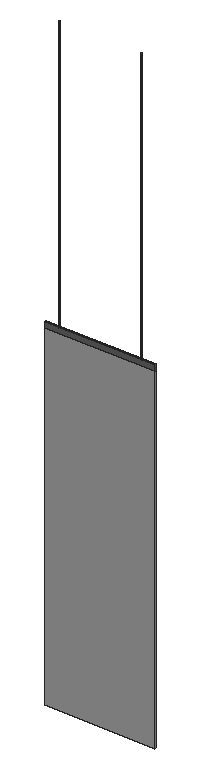
Revit family "Haworth_BuzziFalls_Plain_EU_PRELIMINARY", category Furniture, Revit 2018
Family settings
  OmniClass Number = 23.40.70.14.64.21
  OmniClass Title = Systems Furniture
  Work Plane-Based = No
  Always vertical = Yes
  Cut with Voids When Loaded = No
  Shared = No
  Room Calculation Point = No
Parameters (values of type "Large Screen")
  Warranty = "http://www.haworth.com/resources/product-info/warranties"
  URL - Product = "https://www.haworth.com/eu/en/products/office-partitions/buzzifalls.html"
  URL = "https://www.haworth.com/eu/en.html"
  Small = no
  Size = "Verify Final Dim. w/ Haworth"  # constant formula
  Screen Finish [instance] = Haworth _ Fabric _ Undecided _ Screen
  Revision Number = "1"  # constant formula
  Patterns = " Plain, Alhambra, Birch, Dots, Grid, Leaves, Orient, Palms, Parrots, Pebbles, Rain, Royal, Tropics"  # constant formula
  Model = "BuzziFalls"  # constant formula
  Manufacturer = "Haworth"  # constant formula
  Large = not(Small)  # yes
  Description = "Haworth - BuzziSpace - BuzziFalls - Screen"  # constant formula
  Connector Finish = Haworth _ Paint _ Black BTR-9005
  Cable Length = 200 cm
  Author = "Haworth (Abd Rahman)"  # constant formula
  Assembly Code = "E2020200"
  Actual Width = 80.01 cm  # constant formula
  Actual Height = if(Small, 219.9878 cm, 249.9916 cm)  # 249.9916 cm
  Actual Depth = 1.9844 cm  # constant formula
Types (2, lengths in cm): name | Small | Large | Actual Height
  Small Screen | yes | no | 219.9878
  Large Screen | no | yes | 249.9916
Reference planes (cm)
  plane 1: z = 0
  plane 2 "Back": y = 5.4372
  plane 3 "Front": y = 3.4528
  plane 4 "Top": z = 249.9916
  plane 5 "Right": x = 122.0624
  plane 6 "Left": x = 42.0524
  plane 7: x = 82.0574
  plane 8: y = 4.445
  plane 9: z = 246.0038
  plane 10: z = 449.9916
  plane 11: z = 249.9122
Forms (cm)
  Extrusion 1, solid, material "Haworth _ Fabric _ Undecided _ Screen" <- "Screen Finish"
    sketch origin (0, 0, 0) x (1, 0, 0) y (0, 1, 0)
      loop
        line (42.0524, 5.045) -> (42.0524, 3.845) -> (122.0624, 3.845) -> (122.0624, 5.045) -> (42.0524, 5.045)
    from 0 to 249.9075
  Extrusion 2, solid, material "Haworth _ Paint _ Black BTR-9005" <- "Connector Finish"
    sketch origin (122.0624, 0, 0) x (0, 1, 0) y (0, 0, 1)
      loop
        line (5.145, 245.9929) -> (5.145, 249.9916) -> (3.745, 249.9916) -> (3.745, 246.0038) -> (3.845, 246.0038) -> (3.845, 249.9075) -> (5.045, 249.9075) -> (5.045, 245.9929) -> (5.145, 245.9929)
    from 0 to -80.01
  Extrusion 3, solid, material "Haworth _ Paint _ Black BTR-9005" <- "Connector Finish"
    sketch origin (0, 0, 0) x (1, 0, 0) y (0, 1, 0)
      loop
        circle (52.0521, 4.445) r 0.2
      loop
        circle (112.0524, 4.445) r 0.2
    from 249.9075 to 449.9916
Lines and regions (cm)
  Masking region 1
    outline origin (0, 0, 0) x (1, 0, 0) y (0, 1, 0)
      loop
        line (42.0524, 5.045) -> (42.0524, 3.845) -> (122.0624, 3.845) -> (122.0624, 5.045) -> (42.0524, 5.045)
Dimensions and locks (cm)
  "Actual Width": plane 6 "Left" to plane 5 "Right"
  "Actual Depth": plane 3 "Front" to plane 2 "Back"
  equal spacing: plane 6 "Left", plane 7, plane 5 "Right"
  equal spacing: plane 2 "Back", plane 8, plane 3 "Front"
  "Actual Height": plane 4 "Top" to plane 1
  "Cable Length": plane 10 to plane 4 "Top"
  Extrusion 2 to plane 4 "Top" = 0 cm
  locked: plane 4 "Top" to plane 11 at 0.0794
  aligned and locked: plane 6 "Left" to Extrusion 2
  aligned and locked: plane 5 "Right" to Extrusion 2
  aligned and locked: plane 10 to Extrusion 3
  aligned and locked: Extrusion 1 to plane 1
  aligned and locked: plane 5 "Right" to Extrusion 1
  aligned and locked: plane 6 "Left" to Extrusion 1
  aligned and locked: Extrusion 2 to plane 6 "Left"
  aligned and locked: Extrusion 2 to plane 9
  aligned and locked: Extrusion 2 to plane 5 "Right"
  aligned and locked: Extrusion 1 to Extrusion 2
  aligned and locked: Extrusion 3 to Extrusion 1
Automatic sketch dimensions
  Extrusion 1 sketch curve to plane 6 "Left" = 0 cm
  Extrusion 1 sketch curve to plane 5 "Right" = 0 cm
  Extrusion 1 sketch curve to plane 3 "Front" = 0.3922 cm
  Extrusion 1 sketch curve to plane 2 "Back" = 0.3922 cm
  Extrusion 2 sketch curve to plane 9 = 0 cm
  Extrusion 2 sketch curve to plane 4 "Top" = 0.084 cm
  plane 4 "Top" to Extrusion 2 sketch curve = 0 cm
  Extrusion 2 sketch curve to plane 3 "Front" = 0.2922 cm
  Extrusion 2 sketch curve to Extrusion 2 sketch curve = 0.1 cm  (x2)
  Extrusion 2 sketch curve to plane 2 "Back" = 0.3922 cm
  Extrusion 2 sketch curve to plane 9 = 0.0109 cm
  Extrusion 3 sketch curve to plane 8 = 0 cm  (x2)
  Extrusion 3 sketch curve to plane 6 "Left" = 9.9997 cm
  Extrusion 3 sketch curve to plane 5 "Right" = 10.01 cm
  Masking region 1 sketch curve to plane 6 "Left" = 0 cm
  Masking region 1 sketch curve to plane 5 "Right" = 0 cm
  Masking region 1 sketch curve to plane 3 "Front" = 0.3922 cm
  Masking region 1 sketch curve to plane 2 "Back" = 0.3922 cm
  radius of Extrusion 3 sketch curve = 0.2 cm  (x2)
